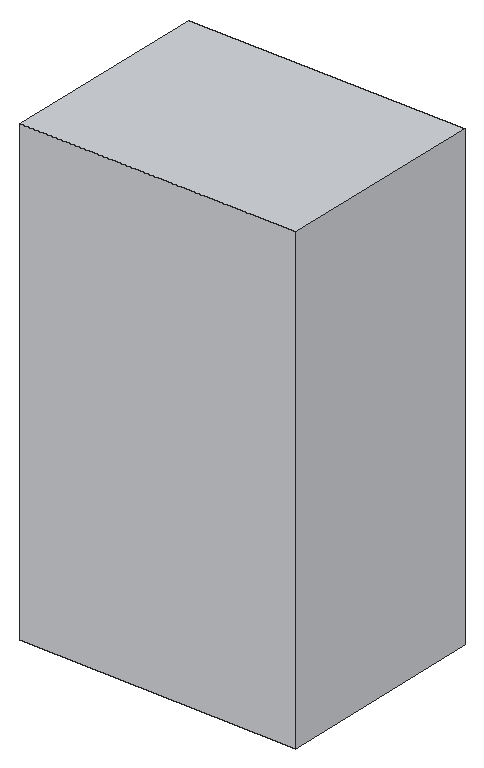
Revit family
Parameters
  Warranty Duration (Years) = 0
  Unit Length [instance] = 1' - 6"
  URL = "http://www.americanspecialties.com/viewCategories.cfm"
  Coat Hook [instance] = Metal - Chrome
  Test Data = ""
  Specification = "http://www.arcat.com/sdspecs/htm/10810asi.htm"
  SpecWizard = ""
  Send Message = "http://www.arcat.com/users.pl?action=UserEmail&company=American%20Specialties,%20Inc.&coid=30448&rep=139&fax=914-476-0688&mf="
  Sales Information = "http://www.americanspecialties.com/contact"
  Revision = "R1_10-2010"
  Product Properties = "http://www.americanspecialties.com/datasheets/07141.pdf"
  Product Data = "http://www.arcat.com/arcatcos/cos30/arc30448.html"
  Model = "As Specified in 10 28 13"
  Manufacturer Website = "http://www.americanspecialties.com/viewCategories.cfm"
  Manufacturer Phone - Toll Free = ""
  Manufacturer Phone = "914-476-9000 "
  Manufacturer Fax = "914-476-0688"
  Manufacturer Address = "441 Saw Mill River Rd., Yonkers, NY 10701"
  Manufacturer = "American Specialties, Inc."
  Maintenance Schedule (Months) = 0
  Keynote = "10 28 13"
  Installation-Fabrication = "http://www.americanspecialties.com/products.cfm"
  Green Building-LEED = ""
  Expected Lifespan (Years) = 0
  Rubber Bumper [instance] = Rubber
  Drawn By = "Robert S. Weygant. CSI, CDT, SCIP"  # constant formula
  Description = "Toilet Accessory as Specified in 10 28 13"
  Default Elevation = 4' - 0"
  Copyright = "©Arcat Inc."
  Construction Details = "http://www.arcat.com/green/clients/leed_data_30448.html"
  Building Codes = "http://www.americanspecialties.com/products.cfm"
  Assembly Code = "C1030210"
Reference planes (in)
  plane 1 "Center (Front/Back)": y = -0.29112
  plane 2 "Floor Line": z = 0
  plane 3 "Center (Left/Right)": x = -0.65843
  plane 4: y = 0.95888
  plane 5: y = -1.54112
  plane 6: x = -1.34593
  plane 7: x = 0.02907
  plane 8: z = 0.125
  plane 9: z = 3
  plane 10: z = 2.75
Forms (in)
  Extrusion 1, solid
    sketch origin (-3, -9, -6) x (0, 0, -1) y (1, 0, 0)
      loop
        line (-82, 26) -> (-82, -19.34712) -> (-6, -19.34712) -> (-6, 26) -> (-82, 26)
    from 9 to -25.60721
  Extrusion 2, solid, material "Metal - Chrome" <- "Coat Hook"
    sketch origin (-14.32416, 1.98146, 0) x (-1, 0, 0) y (0, -1, 0)
      loop
        arc (-13.56403, 3.11551) -> (-13.66573, 3.18025) -> (-13.76743, 3.11551) r 0.11225
        line (-13.76743, 3.11551) -> (-14.27677, 2.02519)
        arc (-14.27677, 2.02519) -> (-13.66573, 1.02258) -> (-13.05469, 2.02519) r 0.6875
        line (-13.05469, 2.02519) -> (-13.56403, 3.11551)
    from 0 to 0.125
  Revolve 3, solid, material "Metal - Chrome" <- "Coat Hook"
    sketch origin (-0.65843, 0, 0) x (0, 1, 0) y (0, 0, 1)
      loop
        line (-0.29112, 0.125) -> (0.14638, 0.125)
        arc (0.14638, 0.125) -> (-0.03039, 0.19822) -> (-0.10362, 0.375) r 0.25
        line (-0.10362, 0.375) -> (-0.10362, 2.44684)
        arc (-0.10362, 2.44684) -> (-0.06028, 2.55002) -> (0.04375, 2.59131) r 0.1445
        arc (0.04375, 2.59131) -> (0.12245, 2.67098) -> (0.0431, 2.75) r 0.07934
        line (0.0431, 2.75) -> (-0.29112, 2.75) -> (-0.29112, 0.125)
      axis (-0.29112, 2.75) -> (-0.29112, 0.125)
    angle from 0 to 360
  Revolve 4, solid, material "Rubber" <- "Rubber Bumper"
    sketch origin (-0.65843, 0, 0) x (0, 1, 0) y (0, 0, 1)
      loop
        line (-0.29112, 2.75) -> (-0.29112, 3) -> (-0.56126, 3)
        arc (-0.56126, 3) -> (-0.60421, 2.98542) -> (-0.62941, 2.94771) r 0.07055
        line (-0.62941, 2.94771) -> (-0.68238, 2.75) -> (-0.29112, 2.75)
      axis (-0.29112, 3) -> (-0.29112, 2.75)
    angle from 0 to 360
  Sweep 5, solid, material "Metal - Chrome" <- "Coat Hook"
    path origin (-0.65843, 0.06726, 0) x (0, 1, 0) y (0, 0, 1)
      loop
        line (-0.52699, 0.19226) -> (-1.15287, 0.19226)
        arc (-1.15287, 0.19226) -> (-1.4274, 0.30597) -> (-1.54112, 0.5805) r 0.38824
        line (-1.54112, 0.5805) -> (-1.54112, 0.68312)
        arc (-1.54112, 0.68312) -> (-1.46011, 0.87868) -> (-1.26456, 0.95968) r 0.27656
        line (-1.26456, 0.95968) -> (-1.12383, 0.95968)
    profile origin (-0.65843, -0.77267, 0.19226) x (0, 0, -1) y (1, 0, 0)
      loop
        line (-0.05774, -0.125) -> (0.06726, -0.125) -> (0.06726, 0.125) -> (-0.05774, 0.125) -> (-0.05774, -0.125)
  Extrusion 6, void
    sketch origin (0, 0, 0) x (1, 0, 0) y (0, 1, 0)
      loop
        circle (-1.03343, 0.39638) r 0.09375
      loop
        circle (-0.28343, 0.39638) r 0.09375
    from 0 to 0.125
Cuts and joins
  Extrusion 6 cuts Extrusion 2
Dimensions and locks (in)
  aligned and locked: plane 8 to Extrusion 2
  aligned and locked: plane 9 to Revolve 4 sketch curve
  aligned and locked: Revolve 4 sketch curve to plane 10
  aligned and locked: plane 1 "Center (Front/Back)" to Revolve 4 sketch curve
  aligned and locked: Revolve 4 sketch curve to plane 1 "Center (Front/Back)"
  aligned and locked: Extrusion 2 to Extrusion 6
  aligned and locked: Extrusion 6 to level
